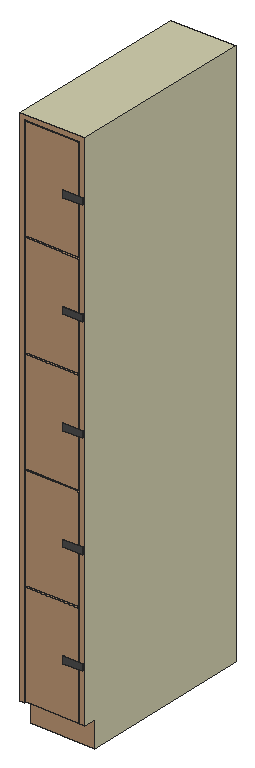
Revit family "Cabinet_Wenger_UltraStor_22", category Furniture, Revit 2015
Parameters (values of type "UltraStor Cabinet #22 - Comp Wood Doors")
  URL = "https://www.wengercorp.com/"
  Type Comments = ""
  Specification = "http://www.arcat.com/sdspecs/htm04/12_35_83wen.htm"
  Shelf Thickness = 0' - 1 1/8"
  Sales Information = "https://www.wengercorp.com/contact-us.php"
  Revision = "R1_2018-04"
  Rear Panel Thickness = 0' - 0 3/4"
  Product Data = "http://www.arcat.com/arcatcos/cos36/arc36487.html"
  Manufacturer Website = "https://www.wengercorp.com/"
  Manufacturer Phone - Toll Free = "800-4WENGER"
  Manufacturer Phone = "(507) 455-4100"
  Manufacturer Fax = "(507) 455-4258"
  Manufacturer Address = "555 Park Dr., Owatonna, MN 55060"
  Keynote = "12 35 83"
  HasDoors = yes
  Green Building-LEED = "http://www.arcat.com/green/clients/leed_data_36487.html"
  Drawn By = "Sumex Design, Inc. / Robert S. Weygant, CSI, CDT, SCIP"
  Door Width = (Cabinet Width - 0' 1 1/2")  # 0' - 8 1/2"
  Door Style = Door_Base : Solid Door
  Door Material [instance] = Wenger Cherry (Use Cherry Edge Band Only)
  Toe Kick Material [instance] = Wenger Cherry (Use Cherry Edge Band Only)
  RH End Panel [instance] = no
  Model = "#22"
  Manufacturer = "Wenger Corporation"
  LH End Panel [instance] = no
  End Panel Material [instance] = Wenger Cherry (Use Cherry Edge Band Only)
  Edge Banding Material [instance] = Wenger Cherry (Use Cherry Edge Band Only)
  Door Height = (Cabinet Height - 0' 4 3/4") / 5  # 1' - 4.175"
  Cost = 0
  Copyright = "© 2018 Arcat Inc."
  Construction Details = "http://www.arcat.com/details/wengerco/wengerco.html?coid=36487"
  Body Material [instance] = Wenger - Oyster
  Description = "Wenger UltraStor Cabinet #22 - Comp Wood Doors"
  Cabinet Width = 0' - 10"
  Cabinet Height = 7' - 1 5/8"
  Installed Depth = 2' - 5 1/4"
  Cabinet Panel Thickness = 0' - 0 3/4"
  Assembly Code = "E2010200"
Types (14): name | Rear Panel Thickness | HasDoors | Door Width | Door Style | Door Material | Model | Description | Cabinet Width | Installed Depth
  Acoustic Cabinet #22 - No Doors | 0' - 3 1/4" | no | 0' - 8 1/2" | Door_Base : Solid Door | none | "#22A" | "Wenger Acoustic Cabinet #22 - No Doors" | 0' - 10" | 2' - 7 3/4"
  Narrow Acoustic Cabinet #22 - No Doors | 0' - 3 1/4" | no | 0' - 6 1/2" | Door_Base : Solid Door | none | "#22NA" | "Wenger Narrow Acoustic Cabinet #22 - No Doors" | 0' - 8" | 2' - 7 3/4"
  Narrow Acoustic Cabinet #22 - Comp Grille Doors | 0' - 3 1/4" | yes | 0' - 6 1/2" | Door_Base : Bars | Painted Black | "#22NA" | "Wenger Narrow Acoustic Cabinet #22 - Comp Grille Doors" | 0' - 8" | 2' - 7 3/4"
  Narrow Acoustic Cabinet #22 - Comp Waterfall Grille Doors | 0' - 3 1/4" | yes | 0' - 6 1/2" | Door_Base : Waterfall | Painted Black | "#22NA" | "Wenger Narrow Acoustic Cabinet #22 - Comp Waterfall Grille Doors" | 0' - 8" | 2' - 7 3/4"
  Acoustic Cabinet #22 - Comp Waterfall Grille Doors | 0' - 3 1/4" | yes | 0' - 8 1/2" | Door_Base : Waterfall | Painted Black | "#22A" | "Wenger Acoustic Cabinet #22 - Comp Waterfall Grille Doors" | 0' - 10" | 2' - 7 3/4"
  Acoustic Cabinet #22 - Comp Grille Doors | 0' - 3 1/4" | yes | 0' - 8 1/2" | Door_Base : Bars | Painted Black | "#22A" | "Wenger Acoustic Cabinet #22 - Comp Grille Doors" | 0' - 10" | 2' - 7 3/4"
  Narrow UltraStor Cabinet #22 - Comp Wood Doors | 0' - 0 3/4" | yes | 0' - 6 1/2" | Door_Base : Solid Door | Wenger Cherry (Use Cherry Edge Band Only) | "#22N" | "Wenger Narrow Cabinet #22 - Comp Wood Doors" | 0' - 8" | 2' - 5 1/4"
  UltraStor Cabinet #22 - No Doors | 0' - 0 3/4" | no | 0' - 8 1/2" | Door_Base : Solid Door | none | "#22" | "Wenger UltraStor Cabinet #22 - No Doors" | 0' - 10" | 2' - 5 1/4"
  Narrow UltraStor Cabinet #22 - Comp Grille Doors | 0' - 0 3/4" | yes | 0' - 6 1/2" | Door_Base : Bars | Painted Black | "#22N" | "Wenger Narrow Cabinet #22 - Comp Grille Doors" | 0' - 8" | 2' - 5 1/4"
  Narrow UltraStor Cabinet #22 - No Doors | 0' - 0 3/4" | no | 0' - 6 1/2" | Door_Base : Solid Door | none | "#22N" | "Wenger Narrow Cabinet #22 - No Doors" | 0' - 8" | 2' - 5 1/4"
  UltraStor Cabinet #22 - Comp Grille Doors | 0' - 0 3/4" | yes | 0' - 8 1/2" | Door_Base : Bars | Painted Black | "#22" | "Wenger UltraStor Cabinet #22 - Comp Grille Doors" | 0' - 10" | 2' - 5 1/4"
  UltraStor Cabinet #22 - Comp Wood Doors | 0' - 0 3/4" | yes | 0' - 8 1/2" | Door_Base : Solid Door | Wenger Cherry (Use Cherry Edge Band Only) | "#22" | "Wenger UltraStor Cabinet #22 - Comp Wood Doors" | 0' - 10" | 2' - 5 1/4"
  Narrow UltraStor Cabinet #22 - Comp Waterfall Grille Doors | 0' - 0 3/4" | yes | 0' - 6 1/2" | Door_Base : Waterfall | Painted Black | "#22N" | "Wenger Narrow Cabinet #22 - Comp Waterfall Grille Doors" | 0' - 8" | 2' - 5 1/4"
  UltraStor Cabinet #22 - Comp Waterfall Grille Doors | 0' - 0 3/4" | yes | 0' - 8 1/2" | Door_Base : Waterfall | Painted Black | "#22" | "Wenger UltraStor Cabinet #22 - Comp Waterfall Grille Doors" | 0' - 10" | 2' - 5 1/4"
Reference planes (in)
  plane 1 "Front": y = 0
  plane 2: z = 0
  plane 3 "Left": x = 0
  plane 4 "Right": x = 10
  plane 5 "Back": y = 29.25
  plane 6 "Top": z = 85.625
  plane 7: z = 4
  plane 8: z = 20.175
  plane 9: z = 36.35
  plane 10: z = 52.525
  plane 11: z = 68.7
  plane 12: x = 0.75
  plane 13: x = 9.25
  plane 14: z = 84.875
  plane 15: x = 5
  plane 16: y = 28.5
  plane 17: y = 2
  plane 18: y = 0.75
  plane 19: z = 21.3
  plane 20: z = 37.475
  plane 21: z = 53.65
  plane 22: z = 69.825
  plane 23: z = 5.125
Forms (in)
  Extrusion 1, solid, material "Wenger - Oyster" <- "Body Material"
    sketch origin (0, 0, 0) x (0, 1, 0) y (0, 0, 1)
      loop
        line (0, 85.625) -> (0, 4) -> (2, 4) -> (2, 0) -> (29.25, 0) -> (29.25, 85.625) -> (0, 85.625)
    from 0 to 10
  Extrusion 2, void
    sketch origin (0, 0, 0) x (0, 1, 0) y (0, 0, 1)
      loop
        line (-5.5, 84.875) -> (-5.5, 4) -> (0.75, 4)
        arc (0.75, 4) -> (1.15915, 4.80234) -> (2, 5.125) r 1.25694
        line (2, 5.125) -> (28.5, 5.125) -> (28.5, 20.175) -> (0.75, 20.175)
        arc (0.75, 20.175) -> (1.18296, 20.95088) -> (2, 21.3) r 1.375
        line (2, 21.3) -> (28.5, 21.3) -> (28.5, 36.35) -> (0.75, 36.35)
        arc (0.75, 36.35) -> (1.18296, 37.12588) -> (2, 37.475) r 1.375
        line (2, 37.475) -> (28.5, 37.475) -> (28.5, 52.525) -> (0.75, 52.525)
        arc (0.75, 52.525) -> (1.18296, 53.30088) -> (2, 53.65) r 1.375
        line (2, 53.65) -> (28.5, 53.65) -> (28.5, 68.7) -> (0.75, 68.7)
        arc (0.75, 68.7) -> (1.18296, 69.47588) -> (2, 69.825) r 1.375
        line (2, 69.825) -> (28.5, 69.825) -> (28.5, 84.875) -> (-5.5, 84.875)
    from 0.75 to 9.25
  Extrusion 3, void
    sketch origin (0, 0, 0) x (0, 1, 0) y (0, 0, 1)
      loop
        line (0, 84.875) -> (0, 4) -> (0.0625, 4) -> (0.0625, 84.875) -> (0, 84.875)
    from 0.75 to 9.25
Cuts and joins
  Extrusion 2, Extrusion 3 cuts Extrusion 1
Lines and regions (in)
  Masking region 1
    outline origin (0, 0, 0) x (1, 0, 0) y (0, 1, 0)
      loop
        line (0, 29.25) -> (0, 0) -> (10, 0) -> (10, 29.25) -> (0, 29.25)
Dimensions and locks (in)
  "Cabinet Panel Thickness": plane 3 "Left" to plane 12
  "Cabinet Panel Thickness": plane 13 to plane 4 "Right"
  "Cabinet Panel Thickness": plane 5 "Back" to plane 16
  locked: plane 1 "Front" to plane 18 at 0.75
  locked: plane 1 "Front" to plane 17 at 2
  "Shelf Thickness": plane 19 to plane 8
  "Shelf Thickness": plane 20 to plane 9
  "Shelf Thickness": plane 21 to plane 10
  "Shelf Thickness": plane 22 to plane 11
  "Cabinet Panel Thickness": plane 6 "Top" to plane 14
  equal spacing: plane 14, plane 11, plane 10, plane 9, plane 8, plane 7
  "Shelf Thickness": plane 23 to plane 7
  "Cabinet Width": plane 3 "Left" to plane 4 "Right"
  locked: plane 7 to level at 4
  "Cabinet Height": plane 6 "Top" to level
  "Installed Depth": plane 1 "Front" to plane 5 "Back"
  plane 3 "Left" to plane 4 "Right" = 0' - 10"
  equal spacing: plane 5 "Back", nested 2, plane 1 "Front"
  equal spacing: plane 12, plane 15, plane 13
  aligned and locked: Extrusion 1 sketch curve to plane 6 "Top"
  aligned and locked: Extrusion 1 sketch curve to plane 5 "Back"
  aligned and locked: Extrusion 1 sketch curve to plane 1 "Front"
  aligned and locked: Extrusion 1 sketch curve to plane 7
  aligned and locked: Extrusion 1 sketch curve to plane 17
  aligned and locked: Extrusion 1 sketch curve to level
  aligned and locked: Extrusion 1 to plane 4 "Right"
  aligned and locked: Extrusion 1 to plane 3 "Left"
  aligned and locked: Extrusion 2 sketch curve to plane 14
  aligned and locked: Extrusion 2 sketch curve to plane 16
  aligned and locked: Extrusion 2 sketch curve to plane 11
  aligned and locked: Extrusion 2 sketch curve to plane 21
  aligned and locked: Extrusion 2 sketch curve to plane 10
  aligned and locked: Extrusion 2 sketch curve to plane 20
  aligned and locked: Extrusion 2 sketch curve to plane 9
  aligned and locked: Extrusion 2 sketch curve to plane 19
  aligned and locked: Extrusion 2 sketch curve to plane 8
  aligned and locked: Extrusion 2 sketch curve to plane 23
  aligned and locked: Extrusion 2 sketch curve to plane 22
  aligned and locked: Extrusion 2 to plane 12
  aligned and locked: Extrusion 3 sketch curve to cut or joined group of Extrusion 1, Extrusion 2, Extrusion 3  (x3)
  aligned and locked: Extrusion 3 to plane 13
  aligned and locked: Extrusion 3 to plane 12
  aligned and locked: nested 3 to plane 12
  aligned and locked: nested 3 to plane 11
  aligned and locked: plane 14 to nested 3
  aligned and locked: plane 11 to cut or joined group of Extrusion 1, Extrusion 2, Extrusion 3
  aligned and locked: plane 11 to nested 4
  aligned and locked: nested 4 to plane 10
  aligned and locked: plane 10 to nested 5
  aligned and locked: nested 5 to plane 9
  aligned and locked: plane 9 to nested 6
  aligned and locked: nested 6 to plane 8
  aligned and locked: plane 8 to nested 7
  aligned and locked: nested 4 to plane 12
  aligned and locked: nested 5 to plane 12
  aligned and locked: nested 6 to plane 12
  aligned and locked: nested 7 to plane 12
  aligned and locked: plane 7 to cut or joined group of Extrusion 1, Extrusion 2, Extrusion 3
  aligned and locked: nested 7 to plane 7
  aligned and locked: plane 18 to Extrusion 2 sketch curve
  aligned and locked: plane 1 "Front" to nested 8
  aligned and locked: nested 8 to level
  aligned and locked: nested 8 to plane 4 "Right"
  aligned and locked: Masking region 1 sketch curve to plane 5 "Back"
  aligned and locked: Masking region 1 sketch curve to plane 1 "Front"
  aligned and locked: plane 3 "Left" to Masking region 1 sketch curve
  aligned and locked: plane 4 "Right" to Masking region 1 sketch curve
  aligned and locked: cut or joined group of Extrusion 1, Extrusion 2, Extrusion 3 to plane 13
  aligned and locked: plane 15 to nested 2
Automatic sketch dimensions
  plane 18 to Extrusion 3 sketch curve = 0' - 0 11/16"
  Extrusion 2 sketch curve to plane 7 = 0' - 0"
  Extrusion 2 sketch curve to plane 18 = 0' - 0"  (x4)
  Extrusion 2 sketch curve to plane 17 = 0' - 0"  (x5)
  Extrusion 2 sketch curve to plane 16 = 0' - 0"  (x4)
  plane 1 "Front" to Extrusion 2 sketch curve = 0' - 5 1/2"
  Extrusion 2 sketch curve to plane 17 = 0' - 0.10279"  (x4)
Nested families (in)
  nested 1: "End Panel" at (0, 14.25, 0) x (0, -1, 0) z (0, 0, 1), End Panel Material <- "End Panel Material", visible <- "LH End Panel", Edge Banding Material <- "Edge Banding Material", type "End Panel"
    with End Panel Material Wenger Cherry (Use Cherry Edge Band Only), Edge Banding Material Wenger Cherry (Use Cherry Edge Band Only), End Panel Depth 2' - 5 1/4"
  nested 2: "Labels" at (5, 14.625, 0), type "Labels"
  nested 3: "Door_Base" at (5, 0, 68.7) x (1, 0, 0) z (0, -1, 0), type <- "Door Style", Height <- "Door Height", Width <- "Door Width", visible <- "HasDoors", type "Solid Door", detail levels medium+fine
    with vBars 6, Width 0' - 8 1/2", ToeKick Height 0' - 4", MidBar no, Height 1' - 4.175", BarHt 1' - 3.675", 2HzBars no
  nested 4: "Door_Base" at (5, 0, 52.525) x (1, 0, 0) z (0, -1, 0), type <- "Door Style", Height <- "Door Height", Width <- "Door Width", visible <- "HasDoors", type "Solid Door", detail levels medium+fine
    with vBars 6, Width 0' - 8 1/2", ToeKick Height 0' - 4", MidBar no, Height 1' - 4.175", BarHt 1' - 3.675", 2HzBars no
  nested 5: "Door_Base" at (5, 0, 36.35) x (1, 0, 0) z (0, -1, 0), type <- "Door Style", Height <- "Door Height", Width <- "Door Width", visible <- "HasDoors", type "Solid Door", detail levels medium+fine
    with vBars 6, Width 0' - 8 1/2", ToeKick Height 0' - 4", MidBar no, Height 1' - 4.175", BarHt 1' - 3.675", 2HzBars no
  nested 6: "Door_Base" at (5, 0, 20.175) x (1, 0, 0) z (0, -1, 0), type <- "Door Style", Height <- "Door Height", Width <- "Door Width", visible <- "HasDoors", type "Solid Door", detail levels medium+fine
    with vBars 6, Width 0' - 8 1/2", ToeKick Height 0' - 4", MidBar no, Height 1' - 4.175", BarHt 1' - 3.675", 2HzBars no
  nested 7: "Door_Base" at (5, 0, 4) x (1, 0, 0) z (0, -1, 0), type <- "Door Style", Height <- "Door Height", Width <- "Door Width", visible <- "HasDoors", type "Solid Door", detail levels medium+fine
    with vBars 6, Width 0' - 8 1/2", ToeKick Height 0' - 4", MidBar no, Height 1' - 4.175", BarHt 1' - 3.675", 2HzBars no
  nested 8: "End Panel" at (10.75, 14.25, 0) x (0, -1, 0) z (0, 0, 1), End Panel Material <- "End Panel Material", Edge Banding Material <- "Edge Banding Material", visible <- "RH End Panel", type "End Panel"
    with End Panel Material Wenger Cherry (Use Cherry Edge Band Only), Edge Banding Material Wenger Cherry (Use Cherry Edge Band Only), End Panel Depth 2' - 5 1/4"
Definition of nested family "End Panel"
  Parameters (values of type "End Panel")
    End Panel Material [instance] = none
    End Panel Height = 7' - 1 5/8"
    End Panel Depth = 1' - 9 3/4"
    Edge Banding Material [instance] = none
    Default Elevation = 4' - 0"
    Assembly Code = ""
  Reference planes (in)
    plane 1 "Center (Front/Back)": y = 0
    plane 2: z = 0
    plane 3 "Center (Left/Right)": x = 0
    plane 4: x = -15
    plane 5: x = 6.75
    plane 6: z = 4
    plane 7: x = 4.75
    plane 8: z = 85.625
    plane 9: y = -0.75
  Forms (in)
    Extrusion 1, solid, material <- "End Panel Material"
      sketch origin (0, 0, 0) x (1, 0, 0) y (0, 0, 1)
        loop
          line (-15, 85.625) -> (-15, 0) -> (4.75, 0) -> (4.75, 4) -> (6.75, 4) -> (6.75, 85.625) -> (-15, 85.625)
      from 0 to 0.75
  Lines and regions (in)
    Masking region 1, detail levels coarse+medium
      outline origin (0, 0, 0) x (1, 0, 0) y (0, 1, 0)
        loop
          line (-15, 0) -> (-15, -0.75) -> (6.75, -0.75) -> (6.75, 0) -> (-15, 0)
  Dimensions and locks (in)
    locked: plane 7 to plane 5 at 2
    locked: plane 6 to level at 4
    "End Panel Height": plane 8 to level
    "End Panel Depth": plane 5 to plane 4
    locked: plane 9 to plane 1 "Center (Front/Back)" at 0.75
    aligned and locked: plane 4 to Extrusion 1 sketch curve
    aligned and locked: level to Extrusion 1 sketch curve
    aligned and locked: plane 7 to Extrusion 1 sketch curve
    aligned and locked: plane 6 to Extrusion 1 sketch curve
    aligned and locked: Extrusion 1 sketch curve to plane 5
    aligned and locked: Extrusion 1 sketch curve to plane 8
    aligned and locked: Extrusion 1 to plane 9
    aligned and locked: Extrusion 1 to plane 1 "Center (Front/Back)"
    aligned and locked: plane 4 to Masking region 1 sketch curve
    aligned and locked: Masking region 1 sketch curve to plane 5
    aligned and locked: plane 1 "Center (Front/Back)" to Masking region 1 sketch curve
    aligned and locked: plane 9 to Masking region 1 sketch curve
Definition of nested family "Door_Base"
  Parameters (values of type "None")
    vBars [instance] = (Width - 0' 2") / 0' 1"  # 6
    Width [instance] = 0' - 8"
    ToeKick Height [instance] = 0' - 4"
    Thickness = 0' - 0 3/4"
    Solid Door = no
    Shelf Thickness = 0' - 0 3/4"
    Panel Thickness = 0' - 0 3/4"
    MidBar [instance] = and(Height < 1' 6", HasDoor, not(Solid Door))  # no
    Height [instance] = 1' - 2 5/8"
    HasDoor = no
    Edge Banding = none
    DoorGap = 0' - 0 1/8"
    Door Finish = none
    Depth = 2' - 0"
    Default Elevation = 4' - 0"
    Bars = no
    BarStyle = Bars : Waterfall
    BarHt [instance] = Height - 0' 0 1/2"  # 1' - 2 1/8"
    2HzBars [instance] = and(Height > 1' 6", not(Solid Door))  # no
  Types (4): name | Thickness | Solid Door | MidBar | HasDoor | Bars | BarStyle
    Solid Door | 0' - 0 3/4" | yes | no | yes | no | Bars : Waterfall
    Bars | 0' - 0 1/4" | no | yes | yes | yes | Bars : Straight
    Waterfall | 0' - 0 3/4" | no | yes | yes | yes | Bars : Waterfall
    None | 0' - 0 3/4" | no | no | no | no | Bars : Waterfall
  Reference planes (in)
    plane 1 "Center (Front/Back)": y = 0
    plane 2: z = 0
    plane 3 "Center (Left/Right)": x = 0
    plane 4: x = -4
    plane 5: y = 14.625
    plane 6: x = 4
    plane 7: z = -0.75
    plane 8: x = -3.875
    plane 9: x = 3.875
    plane 10: y = 0.125
    plane 11: y = 14.5
    plane 12: y = -0.75
    plane 13 "CL Elev": y = 7.3125
    plane 14: x = -3.75
    plane 15: x = 3.75
    plane 16 "BtmRail": y = 0.25
    plane 17: y = 14.375
    plane 18: z = -0.125
    plane 19: x = -2.75
    plane 20: x = 2.75
    plane 21: y = 9.66667
    plane 22: y = 4.95833
  Forms (in)
    Extrusion 1, solid, material <- "Door Finish", visible <- "Solid Door", detail levels medium+fine
      sketch origin (0, 0, 0) x (1, 0, 0) y (0, 1, 0)
        loop
          arc (-3.75, 14.5) -> (-3.83839, 14.46339) -> (-3.875, 14.375) r 0.125
          line (-3.875, 14.375) -> (-3.875, 0.25)
          arc (-3.875, 0.25) -> (-3.83839, 0.16161) -> (-3.75, 0.125) r 0.125
          line (-3.75, 0.125) -> (3.75, 0.125)
          arc (3.75, 0.125) -> (3.83839, 0.16161) -> (3.875, 0.25) r 0.125
          line (3.875, 0.25) -> (3.875, 14.375)
          arc (3.875, 14.375) -> (3.83839, 14.46339) -> (3.75, 14.5) r 0.125
          line (3.75, 14.5) -> (-3.75, 14.5)
      from 0 to -0.75
    Sweep 2, solid, material <- "Door Finish", visible <- "Bars", detail levels medium+fine
      path origin (0, 0, 0) x (1, 0, 0) y (0, 1, 0)
        loop
          arc (-3.125, 14.5) -> (-3.65533, 14.28033) -> (-3.875, 13.75) r 0.75
          line (-3.875, 13.75) -> (-3.875, 0.875)
          arc (-3.875, 0.875) -> (-3.65533, 0.34467) -> (-3.125, 0.125) r 0.75
          line (-3.125, 0.125) -> (3.125, 0.125)
          arc (3.125, 0.125) -> (3.65533, 0.34467) -> (3.875, 0.875) r 0.75
          line (3.875, 0.875) -> (3.875, 13.75)
          arc (3.875, 13.75) -> (3.65533, 14.28033) -> (3.125, 14.5) r 0.75
          line (3.125, 14.5) -> (-3.125, 14.5)
      profile origin (0, 14.5, 0) x (0, 1, 0) y (0, 0, 1)
        loop
          circle (-0.125, -0.125) r 0.125
    Extrusion 3, solid, material <- "Door Finish", visible <- "MidBar", detail levels medium+fine
      sketch origin (0, 0, 0) x (0, 1, 0) y (0, 0, 1)
        loop
          circle (7.3125, -0.125) r 0.125
      from -3.75 to 3.75
    Extrusion 4, solid, visible <- "HasDoor", detail levels fine
      sketch origin (0, 0, 0) x (1, 0, 0) y (0, 1, 0)
        loop
          line (1.5, 7.8125) -> (1.5, 6.8125) -> (4.5, 6.8125) -> (4.5, 7.8125) -> (1.5, 7.8125)
      from 0 to 0.125
    Extrusion 5, solid, material <- "Door Finish", visible <- "2HzBars", detail levels medium+fine
      sketch origin (0, 0, 0) x (0, 1, 0) y (0, 0, 1)
        loop
          circle (9.66667, -0.125) r 0.125
        loop
          circle (4.95833, -0.125) r 0.125
      from -3.75 to 3.75
  Lines and regions (in)
    symbolic lines, visible <- "HasDoor", detail levels medium+fine
      curve 1: line (4, 0.25, 0) -> (-4, 0.25, 0)
      curve 2: line (-4, 0.25, 0) -> (-4, 0.25, 8)
      curve 3: arc (4, 0.25, 0) -> (1.65685, 0.25, 5.65685) -> (-4, 0.25, 8) r 8
    symbolic lines, visible <- "HasDoor"
      curve 4: line (3.875, 0.25, 0) -> (3.875, 0.25, -0.75)
      curve 5: line (3.875, 0.25, -0.75) -> (-3.875, 0.25, -0.75)
      curve 6: line (-3.875, 0.25, -0.75) -> (-3.875, 0.25, 0)
    symbolic lines, detail levels medium
      curve 7: line (3.875, 14.5, 0) -> (-3.875, 7.3125, 0)
      curve 8: line (-3.875, 7.3125, 0) -> (3.875, 0.125, 0)
  Dimensions and locks (in)
    "Height": plane 1 "Center (Front/Back)" to plane 5
    "Thickness": level to plane 7
    equal spacing: plane 4, plane 3 "Center (Left/Right)", plane 6
    "Width": plane 4 to plane 6
    "DoorGap": plane 5 to plane 11
    "DoorGap": plane 9 to plane 6
    "DoorGap": plane 4 to plane 8
    "DoorGap": plane 1 "Center (Front/Back)" to plane 10
    "Shelf Thickness": plane 1 "Center (Front/Back)" to plane 12
    equal spacing: plane 1 "Center (Front/Back)", plane 13 "CL Elev", plane 5
    locked: plane 15 to plane 9 at 0.125
    locked: plane 8 to plane 14 at 0.125
    locked: plane 11 to plane 17 at 0.125
    locked: plane 16 "BtmRail" to plane 10 at 0.125
    locked: level to plane 18 at 0.125
    plane 19 to plane 14 = 0' - 1"
    locked: plane 15 to plane 20 at 1
    Extrusion 4 sketch curve to plane 13 "CL Elev" to Extrusion 4 sketch curve = 0' - 0 1/2" locked, 0' - 0 1/2" locked
    locked: plane 6 to Extrusion 4 sketch curve at 0.5
    locked: Extrusion 4 sketch curve to plane 6 at 2.5
    locked: Extrusion 4 to level at 0.125
    equal spacing: group 1, group 3, group 4, group 5, group 6, group 2  (x3)
    equal spacing: plane 17, plane 21, plane 22, plane 16 "BtmRail"
    "Width": radius of curve 3
    aligned and locked: plane 2 to level
    aligned and locked: Extrusion 1 sketch curve to plane 11
    aligned and locked: plane 8 to Extrusion 1 sketch curve
    aligned and locked: Extrusion 1 sketch curve to plane 9
    aligned and locked: plane 10 to Extrusion 1 sketch curve
    aligned and locked: Extrusion 1 to plane 7
    aligned and locked: level to Extrusion 1
    aligned and locked: Sweep 2 sketch curve to plane 11
    aligned and locked: plane 8 to Sweep 2 sketch curve
    aligned and locked: plane 10 to Sweep 2 sketch curve
    aligned and locked: Sweep 2 sketch curve to plane 9
    aligned and locked: plane 15 to Extrusion 3
    aligned and locked: Extrusion 3 to plane 14
    aligned and locked: plane 20 to nested 2
    aligned and locked: plane 19 to nested 1
    aligned and locked: plane 21 to Extrusion 5 sketch curve
    aligned and locked: plane 18 to Extrusion 5 sketch curve  (x2)
    aligned and locked: plane 22 to Extrusion 5 sketch curve
    aligned and locked: Extrusion 5 to Extrusion 3  (x2)
    aligned and locked: plane 4 to curve 3  (x2)
    aligned and locked: level to curve 3
    aligned and locked: plane 7 to curve 5
    aligned and locked: Extrusion 1 to plane 8
    aligned and locked: plane 9 to Extrusion 1
    aligned and locked: plane 10 to curve 8
    aligned and locked: plane 9 to curve 8
    aligned and locked: plane 13 "CL Elev" to curve 8
    aligned and locked: plane 11 to curve 7
    aligned and locked: plane 9 to curve 7
  Automatic sketch dimensions
    plane 8 to Sweep 2 sketch curve = 0' - 0 3/4"  (x2)
    Sweep 2 sketch curve to plane 9 = 0' - 0 3/4"
    Sweep 2 sketch curve to Sweep 2 sketch curve = 0' - 0 3/4"
    Sweep 2 sketch curve to level = 0' - 0 1/8"
    profile plane to Sweep 2 sketch curve = 0' - 0 1/8"
    Extrusion 3 sketch curve to level = 0' - 0 1/8"
    Extrusion 3 sketch curve to plane 13 "CL Elev" = 0' - 0"
    curve 8 to plane 8 = 0' - 0"
    Extrusion 1 sketch curve to plane 14 = 0' - 0"  (x2)
    Extrusion 1 sketch curve to plane 15 = 0' - 0"  (x2)
    curve 5 to plane 9 = 0' - 0"
    curve 6 to plane 8 = 0' - 0"
    radius of Sweep 2 sketch curve = 0' - 0 1/8"
    radius of Extrusion 3 sketch curve = 0' - 0 1/8"
    radius of Extrusion 5 sketch curve = 0' - 0 1/8"  (x2)
  Nested families (in)
    nested 1: "Bars" at (-2.75, 0.25, -0.125) x (1, 0, 0) z (0, 1, 0), type <- "BarStyle", visible <- "Bars", type "Waterfall", detail levels fine
      with Lateral Deviation 0' - 1", Height 1' - 2 1/8"
    nested 2: "Bars" at (2.75, 0.25, -0.125) x (1, 0, 0) z (0, 1, 0), type <- "BarStyle", visible <- "Bars", type "Waterfall", detail levels fine
      with Lateral Deviation 0' - 1", Height 1' - 2 1/8"
    nested 3: "Bars" at (-1.65, 0.25, -0.125) x (1, 0, 0) z (0, 1, 0), type <- "BarStyle", visible <- "Bars", type "Waterfall", detail levels fine
      with Lateral Deviation 0' - 1", Height 1' - 2 1/8"
    nested 4: "Bars" at (-0.55, 0.25, -0.125) x (1, 0, 0) z (0, 1, 0), type <- "BarStyle", visible <- "Bars", type "Waterfall", detail levels fine
      with Lateral Deviation 0' - 1", Height 1' - 2 1/8"
    nested 5: "Bars" at (0.55, 0.25, -0.125) x (1, 0, 0) z (0, 1, 0), type <- "BarStyle", visible <- "Bars", type "Waterfall", detail levels fine
      with Lateral Deviation 0' - 1", Height 1' - 2 1/8"
    nested 6: "Bars" at (1.65, 0.25, -0.125) x (1, 0, 0) z (0, 1, 0), type <- "BarStyle", visible <- "Bars", type "Waterfall", detail levels fine
      with Lateral Deviation 0' - 1", Height 1' - 2 1/8"
  Definition of nested family "Bars"
    Parameters (values of type "Straight")
      WaterFall = no
      Straight = yes
      Lateral Deviation = 0' - 1 1/2"
      Height = 1' - 2 5/8"
      Default Elevation = 4' - 0"
      Bars = none
    Types (3): name | WaterFall | Straight
      (no name) | no | yes
      Waterfall | yes | no
      Straight | no | yes
    Reference planes (in)
      plane 1 "Center (Front/Back)": y = 0
      plane 2: z = 0
      plane 3 "Center (Left/Right)": x = 0
      plane 4: z = 14.625
      plane 5: z = 7.3125
      plane 6: x = 0.75
      plane 7: x = -0.75
      plane 8: z = 10.96875
      plane 9: z = 3.65625
    Forms (in)
      Sweep 1, solid, material <- "Bars", visible <- "WaterFall"
        path origin (0, 0, 0) x (1, 0, 0) y (0, 0, 1)
          loop
            arc (0, 0) -> (0.56057, 1.79006) -> (0.75, 3.65625) r 9.28711
            arc (0.75, 3.65625) -> (0.56057, 5.52244) -> (0, 7.3125) r 9.28711
        profile origin (0.56057, 0, 1.79006) x (-0.979603, 0, 0.200944) y (0, -1, 0)
          loop
            circle (0, 0) r 0.0625
      Sweep 2, solid, material <- "Bars", visible <- "WaterFall"
        path origin (0, 0, 14.625) x (-1, 0, 0) y (0, 0, -1)
          loop
            arc (0, 0) -> (0.56057, 1.79006) -> (0.75, 3.65625) r 9.28711
            arc (0.75, 3.65625) -> (0.56057, 5.52244) -> (0, 7.3125) r 9.28711
        profile origin (-0.56057, 0, 12.83494) x (0.979603, 0, -0.200944) y (0, -1, 0)
          loop
            circle (0, 0) r 0.0625
      Extrusion 3, solid, material <- "Bars", visible <- "Straight"
        sketch origin (0, 0, 0) x (1, 0, 0) y (0, 1, 0)
          loop
            circle (0, 0) r 0.0625
        from 0 to 14.625
    Dimensions and locks (in)
      "Height": plane 4 to level
      equal spacing: plane 6, plane 3 "Center (Left/Right)", plane 7
      "Lateral Deviation": plane 6 to plane 7
      equal spacing: plane 4, plane 8, plane 5, plane 9, level
      aligned and locked: plane 2 to level
      aligned and locked: plane 3 "Center (Left/Right)" to Sweep 1 sketch curve  (x2)
      aligned and locked: level to Sweep 1 sketch curve
      aligned and locked: plane 6 to Sweep 1 sketch curve
      aligned and locked: plane 9 to Sweep 1 sketch curve
      aligned and locked: plane 4 to Sweep 2 sketch curve
      aligned and locked: plane 3 "Center (Left/Right)" to Sweep 2 sketch curve  (x2)
      aligned and locked: plane 8 to Sweep 2 sketch curve
      aligned and locked: plane 7 to Sweep 2 sketch curve
      aligned and locked: plane 5 to Sweep 2 sketch curve
      aligned and locked: plane 4 to Extrusion 3
      aligned and locked: Extrusion 3 to level
    Automatic sketch dimensions
      plane 1 "Center (Front/Back)" to Sweep 1 sketch curve = 0' - 0"
      Sweep 1 sketch curve to profile plane = 0' - 0"
      Sweep 1 sketch curve to Sweep 1 sketch curve = 0' - 0"
      Sweep 2 sketch curve to plane 1 "Center (Front/Back)" = 0' - 0"
      Sweep 2 sketch curve to profile plane = 0' - 0"
      plane 1 "Center (Front/Back)" to Extrusion 3 sketch curve = 0' - 0"
      Extrusion 3 sketch curve to plane 3 "Center (Left/Right)" = 0' - 0"
      radius of Sweep 1 sketch curve = 0' - 0 1/16"
      radius of Sweep 2 sketch curve = 0' - 0 1/16"
      radius of Extrusion 3 sketch curve = 0' - 0 1/16"
Definition of nested family "Labels"
  Parameters
    Cabinet Label = "01"
  Reference planes (in)
    plane 1: y = 0
    plane 2: x = 0
  Text (in)
    label "xxxx" at (-0.00018, 0.00754, 0), shows "Cabinet Label"
